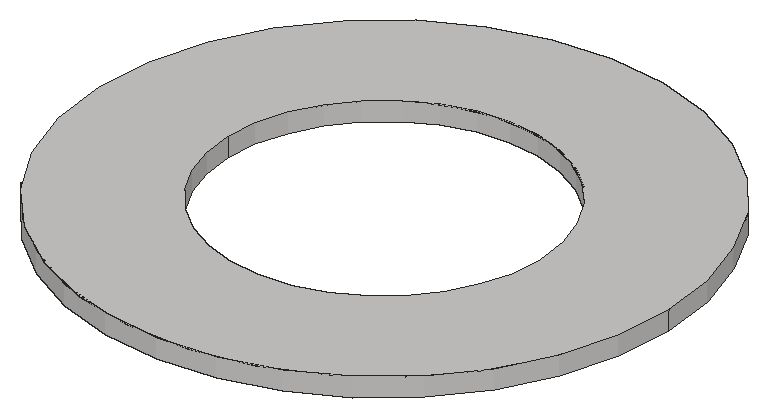
Revit family "001", category Generic Models, Revit 2012
Parameters (values of type "Standard")
  e-mail = "info@vola.com"
  URL = "http://vola.com"
  Telephone = "+45 7023 5500"
  Quality management standard = "ISO 9001"
  Organisation no. / DUNS no. = "17531328"
  Occupational health and safety management standard = "ISO 18001"
  Mounting Instructions = "http://vola.com/service/producturl.ashx?name=001"
  Model = "001"
  Materials and components information = "http://vola.com/service/producturl.ashx?name=001"
  Manufacturer = "VOLA A/S"
  Maintenance Instructions = "http://vola.com/service/producturl.ashx?name=001"
  Guarantee = "2 years"
  Environmental management standard = "ISO 14000"
  Connection - All relevant connections = ""
  Approvals = "http://vola.com/service/producturl.ashx?name=001"
Reference planes
  plane 1 "Center (Front/Back)": y = 0
  plane 2: z = 0
  plane 3 "Center (Left/Right)": x = 0
Forms (mm)
  Extrusion 1, solid, material "Stainless Steel"
    sketch origin (0, 0, 0) x (1, 0, 0) y (0, 1, 0)
      loop
        circle (0, 0) r 16.5
      loop
        circle (0, 0) r 30
    from 0 to 2
Dimensions and locks
  aligned and locked: plane 2 to level
